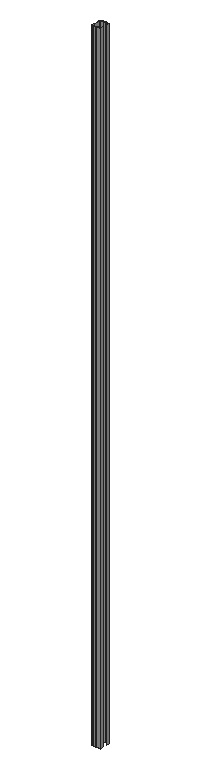
Revit family "CEMCO-VIPER-X_VXS", category Structural Columns, Revit 2026
Family settings
  Section Shape = Not Defined
  Material for Model Behavior = Steel
  Always export as geometry = No
  Beam cutback in plan = From geometry
  Cut with Voids When Loaded = No
  Symbolic Representation = From Family
  Shared = No
  Show family pre-cut in plan views = Yes
Parameters (values of type "600VXT125-22")
  tf = 0' - 0 1/64"
  temp_tf = if(tf < 0' 0 1/32", 0' 0 1/32", tf)  # 0' - 0 1/32"
  r = 0' - 0 7/256"
  fy = 50
  URL = "https://cemcosteel.com/product-category/steel-framing-viper-x/"
  Structural Material [instance] = Steel, Galvanized
  RW = 0' - 0 7/64"
  d = 0' - 1 5/8"
  bf = 0' - 1 7/16"
  Xcg = bf / 2  # 0' - 0 23/32"
  Short Tag = ""
  Return = 0' - 0 3/8"
  Product Submittal Link = "https://cemcosteel.com/product-category/steel-framing-viper-x-studs/"
  Product Info = "Viper-X Studs"
  OPH = d / 5  # 0' - 0.325"
  OP = 0' - 0 3/64"
  Model = "V2"
  Manufacturer = "CEMCO"
  Long Tag = ""
  Keynote = "092216"
  Description = "CEMCO Interior Non-Load Bearing Wall Studs"
  Assembly Code = "C1010100"
Types (3): name | Structural Material | Keynote | Description | Assembly Code
  (no name) | Steel, Galvanized | "092216" | "CEMCO Interior Non-Load Bearing Wall Studs" | "C1010100"
  Default | none | 0' - 0" | "CEMCO Interior Non-Load Bearing" | 0' - 0"
  600VXT125-22 | Steel, Galvanized | "092216" | "CEMCO Interior Non-Load Bearing Wall Studs" | "C1010100"
Reference planes (in)
  plane 1 "Center (Front/Back)": y = -0.8174
  plane 2: z = 0
  plane 3 "Center (Left/Right)": x = 0.28512
  plane 4 "Left": x = -0.43363
  plane 5 "Right": x = 1.00387
  plane 6 "Back": y = -0.0049
  plane 7 "Front": y = -1.6299
  plane 8: x = 0.97262
  plane 9: x = -0.40238
  plane 10: y = -0.03615
  plane 11: y = -1.59865
  plane 12: y = -0.41115
  plane 13: y = -1.22365
  plane 14: x = -0.3555
  plane 15: x = -0.38675
  plane 16: y = -1.3049
  plane 17: y = -0.3299
  plane 18: x = 0.23043
  plane 19: x = 0.33981
Forms (in)
  Extrusion 1, solid, material "Steel, Galvanized" <- "Structural Material", detail levels medium+fine
    sketch origin (0, 0, 0) x (1, 0, 0) y (0, 1, 0)
      loop
        line (-0.43363, -0.0049) -> (-0.43363, -0.3299) -> (-0.38675, -0.37677) -> (-0.38675, -1.25802) -> (-0.43363, -1.3049) -> (-0.43363, -1.6299) -> (0.23043, -1.6299) -> (0.28512, -1.57521) -> (0.33981, -1.6299) -> (1.00387, -1.6299) -> (1.00387, -1.22365) -> (0.97262, -1.22365) -> (0.97262, -1.59865) -> (0.35275, -1.59865) -> (0.28512, -1.53101) -> (0.21749, -1.59865) -> (-0.40238, -1.59865) -> (-0.40238, -1.31784) -> (-0.3555, -1.27096) -> (-0.3555, -0.36383) -> (-0.40238, -0.31695) -> (-0.40238, -0.03615) -> (0.21749, -0.03615) -> (0.28512, -0.10378) -> (0.35275, -0.03615) -> (0.97262, -0.03615) -> (0.97262, -0.41115) -> (1.00387, -0.41115) -> (1.00387, -0.0049) -> (0.33981, -0.0049) -> (0.28512, -0.05958) -> (0.23043, -0.0049) -> (-0.43363, -0.0049)
    from 0 to 108
Lines and regions (in)
  model lines, style "BIMSF.Framing", detail levels coarse
    curve 1: line (0.28512, -0.8174, 108) -> (0.28512, -0.8174, 0)
Dimensions and locks (in)
  equal spacing: plane 4 "Left", plane 3 "Center (Left/Right)", plane 5 "Right"
  equal spacing: plane 7 "Front", plane 1 "Center (Front/Back)", plane 6 "Back"
  "bf": plane 4 "Left" to plane 5 "Right"
  "d": plane 7 "Front" to plane 6 "Back"
  "temp_tf": plane 6 "Back" to plane 10
  "temp_tf": plane 11 to plane 7 "Front"
  "temp_tf": plane 8 to plane 5 "Right"
  "temp_tf": plane 4 "Left" to plane 9
  "Return": plane 10 to plane 12
  "Return": plane 13 to plane 11
  equal spacing: plane 18, plane 3 "Center (Left/Right)", plane 19
  "OPH": plane 7 "Front" to plane 16
  "OPH": plane 17 to plane 6 "Back"
  "OP": plane 4 "Left" to plane 15
  "temp_tf": plane 15 to plane 14
  "RW": plane 18 to plane 19
  "temp_tf": Extrusion 1 sketch curve to Extrusion 1 sketch curve  (x6)
  locked: Extrusion 1 sketch curve to plane 6 "Back" (angle 45.00°)
  locked: plane 6 "Back" to Extrusion 1 sketch curve (angle 45.00°)
  locked: plane 7 "Front" to Extrusion 1 sketch curve (angle 45.00°)
  locked: Extrusion 1 sketch curve to plane 7 "Front" (angle 45.00°)
  locked: plane 16 to Extrusion 1 sketch curve (angle 45.00°)
  locked: Extrusion 1 sketch curve to plane 17 (angle 45.00°)
  aligned and locked: Extrusion 1 sketch curve to plane 6 "Back"
  aligned and locked: Extrusion 1 sketch curve to plane 5 "Right"  (x2)
  aligned and locked: plane 13 to Extrusion 1 sketch curve
  aligned and locked: Extrusion 1 sketch curve to plane 8  (x2)
  aligned and locked: plane 11 to Extrusion 1 sketch curve
  aligned and locked: Extrusion 1 sketch curve to plane 9
  aligned and locked: Extrusion 1 sketch curve to plane 12
  aligned and locked: level to Extrusion 1
  aligned and locked: Extrusion 1 to level
  aligned and locked: curve 1 to plane 1 "Center (Front/Back)"
  aligned and locked: level to curve 1  (x2)
  aligned and locked: plane 4 "Left" to Extrusion 1  (x2)
  aligned and locked: plane 7 "Front" to Extrusion 1  (x2)
  aligned and locked: Extrusion 1 to plane 6 "Back"
  aligned and locked: Extrusion 1 to plane 15
  aligned and locked: plane 14 to Extrusion 1 sketch curve
Automatic sketch dimensions
  Extrusion 1 sketch curve to plane 4 "Left" = 0' - 0"  (x2)
  Extrusion 1 sketch curve to plane 9 = 0' - 0"
  Extrusion 1 sketch curve to plane 15 = 0' - 0"
  Extrusion 1 sketch curve to plane 11 = 0' - 0"
  Extrusion 1 sketch curve to plane 10 = 0' - 0"  (x2)
  plane 6 "Back" to Extrusion 1 sketch curve = 0' - 0"
  Extrusion 1 sketch curve to plane 18 = 0' - 0"  (x2)
  plane 7 "Front" to Extrusion 1 sketch curve = 0' - 0"  (x2)
  Extrusion 1 sketch curve to plane 3 "Center (Left/Right)" = 0' - 0"  (x2)
  Extrusion 1 sketch curve to plane 16 = 0' - 0"
  Extrusion 1 sketch curve to plane 17 = 0' - 0"
